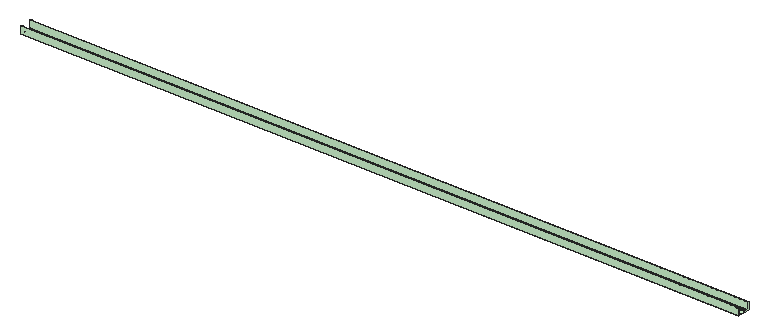
Revit family "runner_wr65", category 機械設備, Revit 2022
Family settings
  丸型コネクタ寸法 = 直径を使用
  種別 = なし
  パーツ タイプ = 標準
  作業面ベース = いいえ
  常に垂直 = はい
  ロード時にボイドで切り取り = いいえ
  注釈の向きを維持 = いいえ
  共有 = いいえ
  部屋計算ポイント = いいえ
Parameters
  製造元 = "株式会社桐井製作所"
  既定の高さ = 0 mm
  URL = "https://www.kirii.co.jp/"
  K_長さ(mm) [instance] = 4000 mm
  K_材質 = "SGCCまたはSGHC　一般用"
  K_断面積A(mm2) = 115.5
  K_断面係数Zy(mm3) = 2624
  K_断面係数Zx(mm3) = 678.4
  K_断面2次半径iy(mm) = 27.6
  K_断面2次半径ix(mm) = 13
  K_断面2次モーメントIy(mm4) = 87930
  K_断面2次モーメントIx(mm4) = 19500
  K_外形寸法(mm) = "67×40×0.8"
  K_品名 = "WR-65"
  K_名称 = "ランナー"
  K_単位質量(kg/m) = 0.933
  K_ヤング係数E(N/mm2) = 205000
  K_バージョン情報 = "20210524"
  K_めっき付着量 = "Z12"
  K_JIS規格 = "JIS G 3302"
  K_JIS外 [instance] = not(K_JIS)  # no
  K_JIS [instance] = yes
Reference planes
  plane 1 "中心(正面/背面)": y = 0
  plane 2: z = 0
  plane 3 "中心(左/右)": x = 0
  plane 4: x = 4000
  plane 5: y = -33.5
  plane 6: y = 33.5
  plane 7: y = 33.5
  plane 8: y = -33.5
  plane 9: z = 40
Forms (mm)
  Extrusion 1, solid
    sketch origin (0, 0, 0) x (0, 1, 0) y (0, 0, 1)
      loop
        line (13.491, 0) -> (14.31, 0.819) -> (22.71, 0.819) -> (23.529, 0) -> (33.5, 0) -> (33.5, 40) -> (32.7, 40) -> (32.7, 0.8) -> (23.86, 0.8) -> (23.041, 1.619) -> (13.979, 1.619) -> (13.159, 0.8) -> (-13.179, 0.8) -> (-13.979, 1.6) -> (-23.041, 1.6) -> (-23.841, 0.8) -> (-32.7, 0.8) -> (-32.7, 40) -> (-33.5, 40) -> (-33.5, 0) -> (-23.51, 0) -> (-22.71, 0.8) -> (-14.31, 0.8) -> (-13.51, 0) -> (13.491, 0)
    from 0 to 4000
Dimensions and locks
  "K_長さ(mm)": plane 3 "中心(左/右)" to plane 4
  aligned and locked: level to plane 2
  aligned and locked: plane 4 to Extrusion 1
  aligned and locked: Extrusion 1 sketch curve to plane 6
  aligned and locked: plane 5 to Extrusion 1 sketch curve
  aligned and locked: Extrusion 1 to plane 4
Automatic sketch dimensions
  Extrusion 1 sketch curve to level = 0 mm  (x3)
  Extrusion 1 sketch curve to Extrusion 1 sketch curve = 0.8 mm  (x5)
  level to Extrusion 1 sketch curve = 0.8 mm  (x4)
  Extrusion 1 sketch curve to Extrusion 1 sketch curve = 8.859 mm
  Extrusion 1 sketch curve to Extrusion 1 sketch curve = 0.331 mm  (x8)
  Extrusion 1 sketch curve to Extrusion 1 sketch curve = 8.4 mm  (x2)
  level to Extrusion 1 sketch curve = 1.6 mm
  Extrusion 1 sketch curve to plane 1 "中心(正面/背面)" = 13.159 mm
  Extrusion 1 sketch curve to Extrusion 1 sketch curve = 0.819 mm  (x2)
  level to Extrusion 1 sketch curve = 0.819 mm
  Extrusion 1 sketch curve to Extrusion 1 sketch curve = 39.2 mm  (x2)
